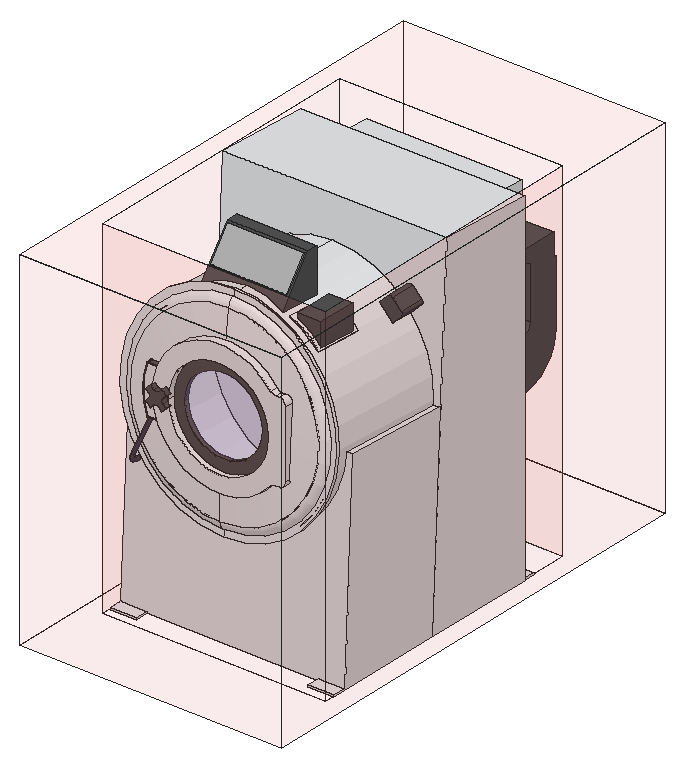
Revit family "Washer_Milnor_60lb-Capacity_30022T6X", category Mechanical Equipment, Revit 2024
Family settings
  Round Connector Dimension = Use Diameter
  Part Type = Normal
  OmniClass Number = 23.45.70.11.14.11
  OmniClass Title = Washing Machines
  Work Plane-Based = Yes
  Always vertical = No
  Cut with Voids When Loaded = No
  Maintain Annotation Orientation = No
  Shared = No
  Room Calculation Point = No
Parameters (values of type "3022T6XBE2015252D")
  doorgas = Door Opening + 0' 2 1/2"  # 1' - 6"
  Warranty Duration (Years) = 5
  Voltage_MEP = 44.5935 V
  Vibration Frequency = 0
  Unit Width = 2' - 10 1/2"
  Unit Weight = 944
  Unit Height = 4' - 6"
  Unit Depth = 3' - 9 3/4"
  URL = "http://www.milnor.com/"
  Suspension Type = "Rigid"
  Specification = "https://www.arcat.com/sd/clients/pellerin.html"
  SpecWizard = "https://www.arcat.com/specwizard/11110pmc/index04.htm"
  Send Message = "http://www.arcat.com/users.pl?action=UserEmail&company=Pellerin+Milnor+Corp.&coid=34740&rep=108&fax=504-468-3094&mf="
  Sales Information = "http://www.milnor.com/contact_us.aspx"
  Revision = "R1_08-2018"
  Product Properties = "https://www.arcat.com/arcatcos/cos34/arc34740.html"
  Product Data = "http://www.arcat.com/arcatcos/cos34/arc34740.html"
  Phase = 3
  Number of Poles = 1
  Model = "3022T6XBE2015252D"
  Manufacturer Website = "http://www.milnor.com/"
  Manufacturer Phone - Toll Free = "800-469-8780"
  Manufacturer Phone = "504-467-9591"
  Manufacturer Fax = "504-468-3094"
  Manufacturer Address = "700 Jackson St.   Kenner, LA 70062"
  Manufacturer = "Pellerin Milnor Corp"
  Maintenance Schedule (Months) = 0
  MEP Amperage = 18.5 A
  Keynote = "11110"
  Interior Finish [instance] = Metal - Stainless Steel - Milnor - as Specified
  Installation-Fabrication = "https://www.arcat.com/catalogs/pellerin/pellerin.html"
  Installation Phase = ""
  Green Building-LEED = "https://www.arcat.com/green/green_building.shtml"
  Frequency = 60 Hz
  Extraction G-Force = "140 Gs"
  Expected Lifespan (Years) = 12
  Dynamic Load = 0.00 kip
  Drawn By = "Sumex Design, Inc. / Robert S. Weygant, CSI, CDT, SCIP"
  Door Opening = 1' - 3 1/2"
  Door Opening Depth = 1' - 3 3/4"
  Door Glazing [instance] = Glazing - Milnor - as Specified
  Clearance Visible [instance] = yes
  Cabinet Front Doodads [instance] = Paint - Milnor - Black
  Description = "Milnor Commercial Washer Extractor"
  Default Elevation = 4' - 0"
  Cylinder Volume = 9.00 CF
  Cylinder Diameter = 2' - 6"
  Cylinder Depth = 1' - 3"
  Door Base from FF = 2' - 1"
  Copyright = "©Arcat Inc."
  Construction Details = "https://www.arcat.com/catalogs/pellerin/pellerin.html"
  Capacity = "60 lb"
  Cabinet Finish [instance] = Metal - Stainless Steel - Milnor - Powder Coat as Specified
  Assembly Code = "E1010610"
  16" Clearance = yes
Reference planes (in)
  plane 1 "Center (Front/Back)": y = 0
  plane 2 "Bottom": z = 0
  plane 3 "Center (Left/Right)": x = 0
  plane 4 "Front": y = -22.875
  plane 5 "Back": y = 22.875
  plane 6 "Left": x = -17.25
  plane 7 "Right": x = 17.25
  plane 8 "Top": z = 54
  plane 9: y = -35.125
  plane 10: z = 25
  plane 11 "Y": y = -19.375
  plane 12: y = 15.375
  plane 13 "Rear Wall MINIMUM CLEARANCE": y = 31.375
  plane 14 "Lint Trap Center": z = 14
  plane 15 "Lint Trap Back": y = 38.875
  plane 16 "Lint Trap Alignment": x = -9.25
Forms (in)
  Extrusion 1, solid, material "Metal - Stainless Steel - Milnor - Powder Coat as Specified" <- "Cabinet Finish"
    sketch origin (0, 0, 0) x (0, 1, 0) y (0, 0, 1)
      loop
        line (0.30793, 53.98386) -> (-2.52124, 0) -> (15.375, 0) -> (15.375, 53.19423) -> (0.30793, 53.98386)
    from -17.25 to 17.25
  Extrusion 2, solid, material "Metal - Stainless Steel - Milnor - Powder Coat as Specified" <- "Cabinet Finish"
    sketch origin (0, 0, 0) x (0, 1, 0) y (0, 0, 1)
      loop
        line (15.375, 51.20358) -> (15.375, 4.06052) -> (19.02486, 4.06052) -> (21.47876, 50.88369) -> (15.375, 51.20358)
    from -12 to 12
  Extrusion 3, solid, material "Metal - Stainless Steel - Milnor - Powder Coat as Specified" <- "Cabinet Finish"
    sketch origin (0, 0, 0) x (0, 1, 0) y (0, 0, 1)
      loop
        line (-0.89129, 31.10136) -> (-17.69888, 31.98221) -> (-19.375, 0) -> (-2.52124, 0) -> (-0.89129, 31.10136)
    from -17.25 to 17.25
  Revolve 4, solid, material "Metal - Stainless Steel - Milnor - Powder Coat as Specified" <- "Cabinet Finish"
    sketch origin (0, 0, 0) x (0, 1, 0) y (0, 0, 1)
      loop
        line (-4.85997, 31.84903) -> (-0.86459, 31.61071) -> (-0.01411, 47.83887) -> (-18.86581, 48.96332) -> (-18.83537, 49.47357) -> (-19.14893, 49.49228) -> (-19.20847, 48.49405)
        arc (-19.20847, 48.49405) -> (-19.79183, 47.98694) -> (-20.06883, 47.26532) r 1.59754
        line (-20.06883, 47.26532) -> (-21.83738, 32.86168) -> (-19.83336, 32.74215) -> (-18.94024, 47.71553) -> (-3.96685, 46.82241) -> (-4.85997, 31.84903)
      axis (-21.83738, 32.86168) -> (-0.86459, 31.61071)
    angle from 0 to 360
  Extrusion 5, void
    sketch origin (0, 0, 0) x (1, 0, 0) y (0, 0, 1)
      loop
        circle (0, 32.75) r 7.875
    from 13.70276 to 26.1875
  Revolve 6, void
    sketch origin (0, 0, 0) x (0, 1, 0) y (0, 0, 1)
      loop
        line (-0.01411, 47.83887) -> (-18.86581, 48.96332) -> (-19.83336, 32.74215) -> (-0.98166, 31.6177) -> (-0.01411, 47.83887)
      axis (-19.83336, 32.74215) -> (-0.98166, 31.6177)
    angle from 0 to 360
  Extrusion 7, solid, material "Paint - Milnor - Black" <- "Cabinet Front Doodads"
    sketch origin (0, 0, 0) x (1, 0, 0) y (0, 0, 1)
      loop
        circle (0, 32.7491) r 7.75
      loop
        circle (0, 32.7491) r 6
    from 20.52449 to 21.14569
  Extrusion 8, solid, material "Glazing - Milnor - as Specified" <- "Door Glazing"
    sketch origin (0, 0, 0) x (1, 0, 0) y (0, 0, 1)
      loop
        circle (0, 32.7491) r 6
    from 20.52449 to 21.14569
  Extrusion 9, solid, material "Paint - Milnor - Black" <- "Cabinet Front Doodads"
    sketch origin (0, 0, 0) x (1, 0, 0) y (0, 0, 1)
      loop
        line (-9.58301, 36.55903) -> (-11.18344, 36.55903)
        arc (-11.18344, 36.55903) -> (-11.33015, 36.51146) -> (-11.42102, 36.38685) r 0.25
        arc (-11.42102, 36.38685) -> (-12.00157, 32.7491) -> (-11.42102, 29.11136) r 11.68741
        arc (-11.42102, 29.11136) -> (-11.33015, 28.98675) -> (-11.18344, 28.93918) r 0.25
        line (-11.18344, 28.93918) -> (-9.58301, 28.93918)
        arc (-9.58301, 28.93918) -> (-9.60759, 29.0016) -> (-9.63177, 29.06418) r 10.3126
        line (-9.63177, 29.06418) -> (-11.18344, 29.06418)
        arc (-11.18344, 29.06418) -> (-11.2568, 29.08796) -> (-11.30223, 29.15027) r 0.125
        arc (-11.30223, 29.15027) -> (-11.87657, 32.7491) -> (-11.30223, 36.34794) r 11.56241
        arc (-11.30223, 36.34794) -> (-11.2568, 36.41025) -> (-11.18344, 36.43403) r 0.125
        line (-11.18344, 36.43403) -> (-9.63177, 36.43403)
        arc (-9.63177, 36.43403) -> (-9.60759, 36.49661) -> (-9.58301, 36.55903) r 10.3126
    from 20.77469 to 21.77823
  Extrusion 10, solid, material "Paint - Milnor - Black" <- "Cabinet Front Doodads"
    sketch origin (0, 0, 0) x (0, 1, 0) y (0, 0, 1)
      loop
        line (-12.625, 54) -> (-18.08827, 46.75) -> (-10.88861, 46.75) -> (-10.88861, 54) -> (-12.625, 54)
    from -6.19874 to 6.20769
  Extrusion 11, solid, material "Contoller Finish - Grey"
    sketch origin (0, -12.625, 54) x (0, -0.601815, -0.798636) y (1, 0, 0)
      loop
        line (0.3281, -5.9267) -> (5.8281, -5.9267) -> (5.8281, 5.8233) -> (0.3281, 5.8233) -> (0.3281, -5.9267)
    from 0 to 0.0625
  Extrusion 12, solid, material "Metal - Stainless Steel - Milnor - Powder Coat as Specified" <- "Cabinet Finish"
    sketch origin (-0.125, -2.73589, -0.97441) x (1, 0, 0) y (0, 0.059481, 0.998229)
      loop
        line (11.39349, 43.73287) -> (11.82069, 44.16007)
        arc (11.82069, 44.16007) -> (9.77749, 46.12707) -> (7.27083, 47.45384) r 10.17722
        line (7.27083, 47.45384) -> (7.27083, 46.61959) -> (11.39349, 43.73287)
    from 9.72126 to 17.35099
  Extrusion 13, solid, material "Paint - Milnor - Black"
    sketch origin (0, 0, 0) x (1, 0, 0) y (0, 0, 1)
      loop
        line (7.88414, 46.57967) -> (11.5, 43.54561) -> (11.5, 47.79561) -> (7.88414, 47.79561) -> (7.88414, 46.57967)
    from 10.6593 to 16.72432
  Extrusion 14, solid, material "Paint - Milnor - Black"
    sketch origin (0, 0, 0) x (1, 0, 0) y (0, 0, 1)
      loop
        circle (-9.25, 14) r 1.5
    from -19.875 to -17.56926
  Extrusion 15, solid, material "Paint - Milnor - Black"
    sketch origin (0, 0, 0) x (1, 0, 0) y (0, 0, 1)
      loop
        line (-16.5, 40.5) -> (-12.5, 40.5) -> (-12.5, 46.25) -> (-16.5, 46.25) -> (-16.5, 40.5)
    from -17.56926 to -15.47876
  Extrusion 16, solid, material "Paint - Milnor - Black"
    sketch origin (0, 0, 0) x (0, 1, 0) y (0, 0, 1)
      loop
        line (15.47876, 45) -> (15.47876, 43.75) -> (17.56926, 42.54305) -> (17.56926, 34.54305)
        arc (17.56926, 34.54305) -> (17.34067, 33.77194) -> (16.72876, 33.25) r 1.41488
        line (16.72876, 33.25) -> (15.47876, 33.25) -> (15.47876, 25.19717)
        arc (15.47876, 25.19717) -> (20.38186, 26.79029) -> (22.47876, 31.5) r 6.33755
        line (22.47876, 31.5) -> (22.47876, 41.5) -> (21.97876, 41.5) -> (21.97876, 45) -> (15.47876, 45)
    from 12.2764 to 16.43646
  Extrusion 17, solid, material "Paint - Milnor - Black"
    sketch origin (0, 0, 0) x (1, 0, 0) y (0, 0, 1)
      loop
        circle (15.17575, 40.22764) r 0.25
      loop
        circle (15.19494, 38.99925) r 0.1875
      loop
        circle (15.19494, 37.74925) r 0.1875
      loop
        circle (13.42575, 40.22764) r 0.25
      loop
        circle (13.44494, 38.99925) r 0.1875
      loop
        circle (13.44494, 37.74925) r 0.1875
    from -22.875 to -22.47876
  Extrusion 18, solid, material "Paint - Milnor - Black"
    sketch origin (0, 0, 0) x (1, 0, 0) y (0, 0, 1)
      loop
        circle (14.75, 10.75) r 0.375
      loop
        circle (14.75, 15) r 0.375
      loop
        circle (14.75, 19.25) r 0.375
      loop
        circle (14.75, 6.5) r 0.375
      loop
        circle (-14.75, 6.5) r 0.375
    from -16.22121 to -15.47876
  Extrusion 19, solid, material "Metal - Stainless Steel - Milnor - Powder Coat as Specified" <- "Cabinet Finish"
    sketch origin (0, 0, 0) x (1, 0, 0) y (0, 1, 0)
      loop
        line (17.25, 17.25) -> (13.25, 17.25) -> (13.25, 15.47876) -> (17.25, 15.47876) -> (17.25, 17.25)
      loop
        line (-17.25, 17.25) -> (-17.25, 15.47876) -> (-13.25, 15.47876) -> (-13.25, 17.25) -> (-17.25, 17.25)
      loop
        line (17.25, -19.19341) -> (13.25, -19.19341) -> (13.25, -21.375) -> (17.25, -21.375) -> (17.25, -19.19341)
      loop
        line (-17.25, -19.18237) -> (-17.25, -21.375) -> (-13.25, -21.375) -> (-13.25, -19.18237) -> (-17.25, -19.18237)
    from 0 to 0.25
  Extrusion 20, solid, material "ARCAT Clearance", visible <- "Clearance Visible"
    sketch origin (-6.75302, 1.0625, 0) x (1, 0, 0) y (0, 1, 0)
      loop
        line (-13.49698, 37.8125) -> (-13.49698, -36.1875) -> (27.00302, -36.1875) -> (27.00302, 37.8125) -> (-13.49698, 37.8125)
      loop
        line (-10.49698, -23.9375) -> (24.00302, -23.9375) -> (24.00302, 21.8125) -> (-10.49698, 21.8125) -> (-10.49698, -23.9375)
    from 0 to 54
  Extrusion 21, solid, material "Metal - Stainless Steel - Milnor - Powder Coat as Specified" <- "Cabinet Finish"
    sketch origin (0, 0, 0) x (1, 0, 0) y (0, 0, 1)
      loop
        circle (0, 32.7491) r 7.75
      loop
        arc (7.96361, 39.30125) -> (-10.3126, 32.7491) -> (7.9636, 26.19696) r 10.3126
        arc (7.9636, 26.19696) -> (8.30883, 26.46586) -> (8.73583, 26.5616) r 1
        line (8.73583, 26.5616) -> (9.31135, 26.5616)
        arc (9.31135, 26.5616) -> (10.01846, 26.85449) -> (10.31135, 27.5616) r 1
        line (10.31135, 27.5616) -> (10.31135, 37.9366)
        arc (10.31135, 37.9366) -> (10.01846, 38.64371) -> (9.31135, 38.9366) r 1
        line (9.31135, 38.9366) -> (8.73583, 38.9366)
        arc (8.73583, 38.9366) -> (8.30883, 39.03235) -> (7.96361, 39.30125) r 1
    from 22.02176 to 20.52449
  Extrusion 22, solid, material "Metal - Stainless Steel - Milnor - Powder Coat as Specified" <- "Cabinet Finish"
    sketch origin (0, 0, 0) x (1, 0, 0) y (0, 0, 1)
      loop
        arc (-11.30223, 29.15027) -> (-11.2568, 29.08796) -> (-11.18344, 29.06418) r 0.125
        line (-11.18344, 29.06418) -> (-9.63177, 29.06418)
        arc (-9.63177, 29.06418) -> (-10.3126, 32.7491) -> (-9.63177, 36.43403) r 10.3126
        line (-9.63177, 36.43403) -> (-11.18344, 36.43403)
        arc (-11.18344, 36.43403) -> (-11.2568, 36.41025) -> (-11.30223, 36.34794) r 0.125
        arc (-11.30223, 36.34794) -> (-11.87657, 32.7491) -> (-11.30223, 29.15027) r 11.56241
    from 20.77469 to 21.77823
  Extrusion 23, solid, material "Paint - Milnor - Black"
    sketch origin (0, 0, 0) x (1, 0, 0) y (0, 0, 1)
      loop
        spline (10.37369, 44.60575) -> (10.56112, 44.43953) -> (10.74588, 44.27037) -> (10.92792, 44.09829) -> (11.10719, 43.92334) -> (11.28365, 43.74557) -> (11.45726, 43.56502) -> (11.62797, 43.38174) -> (11.79574, 43.19576) -> (11.96052, 43.00715) -> (12.12228, 42.81595) -> (12.28096, 42.6222) -> (12.43655, 42.42596)
        line (12.43655, 42.42596) -> (13.82522, 43.81463)
        arc (13.82522, 43.81463) -> (13.97166, 44.16818) -> (13.82522, 44.52173) r 0.5
        line (13.82522, 44.52173) -> (12.411, 45.93595)
        arc (12.411, 45.93595) -> (12.05745, 46.08239) -> (11.7039, 45.93595) r 0.5
        line (11.7039, 45.93595) -> (10.37369, 44.60575)
    from 0 to 4.01911
  Extrusion 24, solid, material "Paint - Milnor - Black"
    sketch origin (0, 0, 0) x (1, 0, 0) y (0, 0, 1)
      loop
        line (-8.199, 34.28851) -> (-8.67775, 33.80976)
        arc (-8.67775, 33.80976) -> (-9.0313, 33.66332) -> (-9.38485, 33.80976) r 0.5
        line (-9.38485, 33.80976) -> (-9.8636, 34.28851)
        arc (-9.8636, 34.28851) -> (-10.26874, 33.98654) -> (-10.57071, 33.5814) r 1.75
        line (-10.57071, 33.5814) -> (-10.09196, 33.10266)
        arc (-10.09196, 33.10266) -> (-9.94551, 32.7491) -> (-10.09196, 32.39555) r 0.5
        line (-10.09196, 32.39555) -> (-10.57071, 31.9168)
        arc (-10.57071, 31.9168) -> (-10.26874, 31.51167) -> (-9.8636, 31.2097) r 1.75
        line (-9.8636, 31.2097) -> (-9.38485, 31.68844)
        arc (-9.38485, 31.68844) -> (-9.0313, 31.83489) -> (-8.67775, 31.68844) r 0.5
        line (-8.67775, 31.68844) -> (-8.199, 31.2097)
        arc (-8.199, 31.2097) -> (-7.79386, 31.51167) -> (-7.49189, 31.9168) r 1.75
        line (-7.49189, 31.9168) -> (-7.97064, 32.39555)
        arc (-7.97064, 32.39555) -> (-8.11709, 32.7491) -> (-7.97064, 33.10266) r 0.5
        line (-7.97064, 33.10266) -> (-7.49189, 33.5814)
        arc (-7.49189, 33.5814) -> (-7.79386, 33.98654) -> (-8.199, 34.28851) r 1.75
    from 22.02176 to 22.875
  Sweep 25, solid, material "Paint - Milnor - Black" <- "Cabinet Front Doodads"
    path origin (-13.146, 0, -1.9335) x (0, 1, 0) y (0.419322, 0, 0.907837)
      loop
        line (-21.76498, 29.84931) -> (-21.76498, 22.296)
        arc (-21.76498, 22.296) -> (-21.03275, 20.52823) -> (-19.26498, 19.796) r 2.5
        line (-19.26498, 19.796) -> (-18.15956, 19.796)
    profile origin (-2.21316, -21.76498, 21.73623) x (0, 1, 0) y (0.907837, 0, -0.419322)
      loop
        circle (0.40323, -10.97154) r 0.25
Cuts and joins
  Extrusion 5, Revolve 6 cuts Extrusion 1
  Revolve 6 cuts Extrusion 3
  joined: Extrusion 3, Extrusion 19
  Extrusion 5 cuts Revolve 4
Lines and regions (in)
  symbolic lines, style "MechanicalEquipmentHiddenLines"
    curve 1: arc (7.75208, -22.95773, 0) -> (1.35223, -31.76221, 0) -> (-9, -35.125, 0) r 17.61589
    curve 2: line (-9, -35.125, 0) -> (-9, -21.375, 0)
Dimensions and locks (in)
  "Unit Width": plane 6 "Left" to plane 7 "Right"
  "Unit Depth": plane 5 "Back" to plane 4 "Front"
  "Unit Height": plane 8 "Top" to level
  "Door Opening Depth": plane 11 "Y" to plane 9
  plane 10 to level = 2' - 1"
  Extrusion 18 sketch curve to level = 0' - 10 3/4"
  Extrusion 18 sketch curve to level = 1' - 3"
  Extrusion 18 sketch curve to level = 1' - 7 1/4"
  locked: Extrusion 18 sketch curve to level at 6.5
  locked: plane 11 "Y" to plane 4 "Front" at 3.5
  locked: plane 12 to plane 11 "Y" at 34.75
  locked: plane 13 "Rear Wall MINIMUM CLEARANCE" to plane 12 at 16
  locked: plane 10 to plane 14 "Lint Trap Center" at 11
  locked: plane 15 "Lint Trap Back" to Extrusion 14 at 19
  locked: plane 6 "Left" to plane 16 "Lint Trap Alignment" at 8
  locked: plane 15 "Lint Trap Back" to plane 5 "Back" at 16
  aligned and locked: Extrusion 3 to plane 6 "Left"
  aligned and locked: plane 7 "Right" to Extrusion 3
  aligned and locked: plane 7 "Right" to Extrusion 1
  aligned and locked: Extrusion 1 to plane 6 "Left"
  aligned and locked: Extrusion 23 to plane 1 "Center (Front/Back)"
  aligned and locked: Extrusion 24 to plane 4 "Front"
  aligned and locked: Extrusion 20 sketch curve to plane 15 "Lint Trap Back"
  aligned and locked: plane 5 "Back" to Extrusion 20 sketch curve
  aligned and locked: Extrusion 20 sketch curve to plane 6 "Left"
  aligned and locked: plane 7 "Right" to Extrusion 20 sketch curve
  aligned and locked: Extrusion 20 sketch curve to plane 4 "Front"
  aligned and locked: Extrusion 20 sketch curve to plane 9
Automatic sketch dimensions
  curve 1 to plane 9 = 0' - 0"
  plane 4 "Front" to curve 2 = 0' - 1 1/2"
  plane 6 "Left" to curve 2 = 0' - 8 1/4"
  curve 1 to plane 4 "Front" = 0' - 0.08273"
  plane 3 "Center (Left/Right)" to curve 1 = 0' - 7.75208"
  Extrusion 1 sketch curve to level = 0' - 0"
  Extrusion 1 sketch curve to plane 12 = 0' - 0"
  Extrusion 1 sketch curve to plane 8 "Top" = 0' - 0.01614"
  Extrusion 1 sketch curve to plane 1 "Center (Front/Back)" = 0' - 0.30793"
  plane 1 "Center (Front/Back)" to Extrusion 1 sketch curve = 0' - 2.52124"
  Extrusion 2 sketch curve to plane 12 = 0' - 0"
  plane 12 to Extrusion 2 sketch curve = 0' - 3.64986"
  Extrusion 2 sketch curve to plane 5 "Back" = 0' - 1.39624"
  level to Extrusion 2 sketch curve = 0' - 4.06052"
  Extrusion 2 sketch curve to plane 8 "Top" = 0' - 3.11631"
  Extrusion 3 sketch curve to level = 0' - 0"
  Extrusion 3 sketch curve to plane 11 "Y" = 0' - 0"
  plane 11 "Y" to Extrusion 3 sketch curve = 0' - 1.67612"
  plane 1 "Center (Front/Back)" to Extrusion 3 sketch curve = 0' - 2.52124"
  plane 1 "Center (Front/Back)" to Extrusion 3 sketch curve = 0' - 0.89129"
  Revolve 4 sketch curve to plane 1 "Center (Front/Back)" = 0' - 0"
  plane 1 "Center (Front/Back)" to Revolve 4 sketch curve = 0' - 0.01411"
  plane 1 "Center (Front/Back)" to Revolve 4 sketch curve = 0' - 0.86459"
  plane 1 "Center (Front/Back)" to Revolve 4 sketch curve = 0' - 3.96685"
  Revolve 4 sketch curve to Revolve 4 sketch curve = 0' - 3.99537"
  plane 11 "Y" to Revolve 4 sketch curve = 0' - 0.8918"
  plane 11 "Y" to Revolve 4 sketch curve = 0' - 0.53963"
  plane 11 "Y" to Revolve 4 sketch curve = 0' - 0.50919"
  plane 11 "Y" to Revolve 4 sketch curve = 0' - 0.43476"
  plane 11 "Y" to Revolve 4 sketch curve = 0' - 0.22607"
  plane 11 "Y" to Revolve 4 sketch curve = 0' - 0.16653"
  Revolve 4 sketch curve to plane 11 "Y" = 0' - 0.45836"
  Revolve 4 sketch curve to Revolve 4 sketch curve = 0' - 0.18684"
  Revolve 4 sketch curve to plane 11 "Y" = 0' - 0.69383"
  plane 4 "Front" to Revolve 4 sketch curve = 0' - 1.03762"
  plane 10 to Revolve 4 sketch curve = 0' - 6.55914"
  Revolve 4 sketch curve to Revolve 4 sketch curve = 0' - 0.05157"
  Revolve 4 sketch curve to Revolve 4 sketch curve = 0' - 0.23831"
  Revolve 4 sketch curve to Revolve 4 sketch curve = 0' - 0.01114"
  Revolve 4 sketch curve to Revolve 4 sketch curve = 0' - 0.6449"
  Revolve 4 sketch curve to Revolve 4 sketch curve = 0' - 0.45021"
  Revolve 4 sketch curve to Revolve 4 sketch curve = 0' - 1.01645"
  Extrusion 5 sketch curve to plane 3 "Center (Left/Right)" = 0' - 0"
  plane 10 to Extrusion 5 sketch curve = 0' - 7 3/4"
  Revolve 6 sketch curve to plane 11 "Y" = 0' - 0.45836"
  Revolve 6 sketch curve to Revolve 6 sketch curve = 0' - 0"  (x2)
  plane 11 "Y" to Revolve 6 sketch curve = 0' - 0.50919"
  plane 1 "Center (Front/Back)" to Revolve 6 sketch curve = 0' - 0.98166"
  Revolve 6 sketch curve to plane 1 "Center (Front/Back)" = 0' - 0.87983"
  plane 10 to Revolve 6 sketch curve = 0' - 6.50666"
  Revolve 6 sketch curve to Revolve 6 sketch curve = 0' - 0.11103"
  plane 10 to Revolve 6 sketch curve = 0' - 7.74215"
  Extrusion 7 sketch curve to Extrusion 7 sketch curve = 0' - 0"  (x2)
  Extrusion 7 sketch curve to plane 3 "Center (Left/Right)" = 0' - 0"
  plane 10 to Extrusion 7 sketch curve = 0' - 7.7491"
  Extrusion 8 sketch curve to plane 3 "Center (Left/Right)" = 0' - 0"
  plane 10 to Extrusion 8 sketch curve = 0' - 7.7491"
  Extrusion 10 sketch curve to plane 8 "Top" = 0' - 0"
  plane 11 "Y" to Extrusion 10 sketch curve = 0' - 1.28673"
  plane 11 "Y" to Extrusion 10 sketch curve = 0' - 6 3/4"
  Extrusion 10 sketch curve to Extrusion 10 sketch curve = 0' - 1.73639"
  Extrusion 10 sketch curve to plane 8 "Top" = 0' - 7 1/4"
  Extrusion 10 to Extrusion 11 sketch curve = 0' - 0.3281"
  Extrusion 10 to Extrusion 11 sketch curve = 0' - 0.3844"
  Extrusion 10 to Extrusion 11 sketch curve = 0' - 3.24988"
  Extrusion 10 to Extrusion 11 sketch curve = 0' - 0.27203"
  plane 3 "Center (Left/Right)" to Extrusion 12 sketch curve = 0' - 3.68459"
  plane 3 "Center (Left/Right)" to Extrusion 12 sketch curve = 0' - 7.14583"
  Extrusion 12 sketch curve to Extrusion 12 sketch curve = 0' - 4.12265"
  Extrusion 12 sketch curve to Extrusion 12 sketch curve = 0' - 0.4272"  (x2)
  Extrusion 12 sketch curve to Extrusion 12 sketch curve = 0' - 5.84958"
  Extrusion 12 sketch curve to Extrusion 12 sketch curve = 0' - 0.83426"
  plane 3 "Center (Left/Right)" to Extrusion 13 sketch curve = 0' - 7.88414"
  Extrusion 13 sketch curve to Extrusion 13 sketch curve = 0' - 3.61586"
  Extrusion 13 sketch curve to plane 8 "Top" = 0' - 10.45439"
  Extrusion 13 sketch curve to Extrusion 13 sketch curve = 0' - 3.03407"
  Extrusion 13 sketch curve to Extrusion 13 sketch curve = 0' - 1.21593"
  plane 6 "Left" to Extrusion 14 sketch curve = 0' - 8"
  Extrusion 14 sketch curve to plane 10 = 0' - 11"
  plane 6 "Left" to Extrusion 15 sketch curve = 0' - 0 3/4"
  Extrusion 15 sketch curve to Extrusion 15 sketch curve = 0' - 4"
  Extrusion 15 sketch curve to plane 8 "Top" = 1' - 1 1/2"
  Extrusion 15 sketch curve to Extrusion 15 sketch curve = 0' - 5 3/4"
  plane 12 to Extrusion 16 sketch curve = 0' - 0.10376"  (x2)
  plane 12 to Extrusion 16 sketch curve = 0' - 0.76621"
  plane 12 to Extrusion 16 sketch curve = 0' - 0.77938"
  Extrusion 16 sketch curve to Extrusion 16 sketch curve = 0' - 1 1/4"
  Extrusion 16 sketch curve to Extrusion 16 sketch curve = 0' - 1.41488"
  Extrusion 16 sketch curve to plane 5 "Back" = 0' - 0.89624"
  Extrusion 16 sketch curve to plane 5 "Back" = 0' - 0.39624"
  plane 10 to Extrusion 16 sketch curve = 0' - 0.19717"
  Extrusion 16 sketch curve to Extrusion 16 sketch curve = 0' - 1 3/4"
  Extrusion 16 sketch curve to Extrusion 16 sketch curve = 0' - 6.95695"
  Extrusion 16 sketch curve to Extrusion 16 sketch curve = 0' - 1.04305"
  Extrusion 16 sketch curve to Extrusion 16 sketch curve = 0' - 1.20695"
  Extrusion 16 sketch curve to Extrusion 16 sketch curve = 0' - 3 1/2"
  Extrusion 17 sketch curve to plane 7 "Right" = 0' - 3.82425"
  Extrusion 17 sketch curve to Extrusion 17 sketch curve = 0' - 0.01919"  (x2)
  Extrusion 17 sketch curve to Extrusion 17 sketch curve = 0' - 0"  (x2)
  Extrusion 17 sketch curve to Extrusion 17 sketch curve = 0' - 1 3/4"  (x2)
  plane 10 to Extrusion 17 sketch curve = 1' - 0.74925"
  Extrusion 17 sketch curve to Extrusion 17 sketch curve = 0' - 1 1/4"  (x2)
  Extrusion 17 sketch curve to Extrusion 17 sketch curve = 0' - 1.22839"  (x2)
  plane 6 "Left" to Extrusion 18 sketch curve = 0' - 2 1/2"
  Extrusion 18 sketch curve to plane 7 "Right" = 0' - 2 1/2"  (x4)
  level to Extrusion 18 sketch curve = 0' - 6 1/2"
  Extrusion 19 sketch curve to plane 6 "Left" = 0' - 0"  (x2)
  Extrusion 19 sketch curve to plane 7 "Right" = 0' - 0"  (x2)
  plane 11 "Y" to Extrusion 19 sketch curve = 0' - 0.19263"
  Extrusion 19 sketch curve to Extrusion 19 sketch curve = 0' - 4"
  plane 12 to Extrusion 19 sketch curve = 0' - 1 7/8"
  plane 6 "Left" to Extrusion 19 sketch curve = 0' - 4"
  plane 12 to Extrusion 19 sketch curve = 0' - 0.10376"  (x2)
  Extrusion 19 sketch curve to plane 7 "Right" = 0' - 4"  (x2)
  plane 4 "Front" to Extrusion 19 sketch curve = 0' - 1 1/2"  (x2)
  plane 11 "Y" to Extrusion 19 sketch curve = 0' - 0.18159"
  Extrusion 19 sketch curve to Extrusion 19 sketch curve = 0' - 1.77124"
  Extrusion 21 sketch curve to Extrusion 21 sketch curve = 0' - 0"  (x4)
  Extrusion 21 sketch curve to plane 3 "Center (Left/Right)" = 0' - 0"
  plane 10 to Extrusion 21 sketch curve = 0' - 1.5616"
  Extrusion 21 sketch curve to plane 7 "Right" = 0' - 8.51417"  (x2)
  Extrusion 21 sketch curve to Extrusion 21 sketch curve = 0' - 0.57552"  (x2)
  Extrusion 21 sketch curve to Extrusion 21 sketch curve = 0' - 1"  (x2)
  plane 10 to Extrusion 21 sketch curve = 0' - 0.5616"
  plane 10 to Extrusion 21 sketch curve = 0' - 7.7491"
  Extrusion 21 sketch curve to Extrusion 21 sketch curve = 0' - 10 3/8"
  Extrusion 21 sketch curve to Extrusion 21 sketch curve = 0' - 0.77222"
  Extrusion 22 sketch curve to plane 3 "Center (Left/Right)" = 0' - 0.31417"
  Extrusion 22 sketch curve to Extrusion 22 sketch curve = 0' - 1.55167"  (x2)
  Extrusion 22 sketch curve to plane 3 "Center (Left/Right)" = 0' - 0"
  plane 10 to Extrusion 22 sketch curve = 0' - 4.06418"
  Extrusion 22 sketch curve to Extrusion 22 sketch curve = 0' - 0"  (x3)
  Extrusion 22 sketch curve to Extrusion 22 sketch curve = 0' - 0.11879"  (x2)
  Extrusion 9 sketch curve to Extrusion 9 sketch curve = 0' - 0"  (x10)
  plane 10 to Extrusion 9 sketch curve = 0' - 3.93918"
  Extrusion 9 sketch curve to Extrusion 9 sketch curve = 0' - 1.60043"
  Extrusion 9 sketch curve to plane 3 "Center (Left/Right)" = 0' - 0.31417"
  Extrusion 9 sketch curve to plane 3 "Center (Left/Right)" = 0' - 0"
  Extrusion 9 sketch curve to Extrusion 9 sketch curve = 0' - 0 1/4"  (x2)
  Extrusion 9 sketch curve to Extrusion 9 sketch curve = 0' - 0.04876"  (x2)
  Extrusion 9 sketch curve to Extrusion 9 sketch curve = 0' - 0.11879"  (x4)
  Extrusion 9 sketch curve to Extrusion 9 sketch curve = 0' - 0.03891"  (x2)
  Extrusion 22 sketch curve to Extrusion 22 sketch curve = 0' - 0.03891"  (x2)
  Extrusion 23 sketch curve to plane 3 "Center (Left/Right)" = 0' - 0"
  Extrusion 23 sketch curve to plane 7 "Right" = 0' - 6.87631"
  Extrusion 23 sketch curve to Extrusion 23 sketch curve = 0' - 1.3302"
  Extrusion 23 sketch curve to Extrusion 23 sketch curve = 0' - 0.35355"  (x6)
  Extrusion 23 sketch curve to Extrusion 23 sketch curve = 0' - 2.06285"
  Extrusion 23 sketch curve to Extrusion 23 sketch curve = 0' - 1.41421"
  Extrusion 23 sketch curve to plane 8 "Top" = 0' - 11.57404"
  Extrusion 23 sketch curve to Extrusion 23 sketch curve = 0' - 1.38867"
  Extrusion 23 sketch curve to Extrusion 23 sketch curve = 0' - 2.17979"
  Extrusion 23 sketch curve to Extrusion 23 sketch curve = 0' - 0.97665"
  plane 6 "Left" to Extrusion 23 sketch curve = 0' - 1.48884"
  Extrusion 24 sketch curve to Extrusion 24 sketch curve = 0' - 0"  (x15)
  plane 6 "Left" to Extrusion 24 sketch curve = 0' - 6.67929"
  Extrusion 24 sketch curve to Extrusion 24 sketch curve = 0' - 0.12519"  (x2)
  Extrusion 24 sketch curve to Extrusion 24 sketch curve = 0' - 0.35355"  (x12)
  Extrusion 24 sketch curve to Extrusion 24 sketch curve = 0' - 0.70711"  (x4)
  Extrusion 24 sketch curve to Extrusion 24 sketch curve = 0' - 0.47875"  (x11)
  plane 10 to Extrusion 24 sketch curve = 0' - 6.2097"
  plane 4 "Front" to Sweep 25 sketch curve = 0' - 1.11002"
  plane 11 "Y" to Sweep 25 sketch curve = 0' - 0.11002"
  Sweep 25 sketch curve to Sweep 25 sketch curve = 0' - 1.10542"
  Sweep 25 sketch curve to Sweep 25 sketch curve = 0' - 7.55331"
  Sweep 25 sketch curve to profile plane = 0' - 0.40323"
  Sweep 25 sketch curve to profile plane = 0' - 10.97154"
  Extrusion 20 sketch curve to plane 6 "Left" = 0' - 3"
  plane 7 "Right" to Extrusion 20 sketch curve = 0' - 3"
  radius of Extrusion 5 sketch curve = 0' - 7 7/8"
  radius of Extrusion 7 sketch curve = 0' - 7 3/4"
  radius of Extrusion 7 sketch curve = 0' - 6"
  radius of Extrusion 8 sketch curve = 0' - 6"
  radius of Extrusion 14 sketch curve = 0' - 1 1/2"
  radius of Extrusion 17 sketch curve = 0' - 0 1/4"  (x2)
  radius of Extrusion 17 sketch curve = 0' - 0 3/16"  (x4)
  radius of Extrusion 18 sketch curve = 0' - 0 3/8"  (x5)
  radius of Extrusion 21 sketch curve = 0' - 7 3/4"
  radius of Sweep 25 sketch curve = 0' - 0 1/4"
Connectors (in)
  electrical at (-14.5, 17.56926, 43.375)
    settings: on Extrusion 15, index 1, voltage 0 V, apparent load 0 VA, apparent load phase1 0 VA, apparent load phase2 0 VA, apparent load phase3 0 VA, power factor 1, load classification "Other", number of poles 1, system type 31, power factor state 1, is connector primary yes, connector utility no, sub classification motor no, connector description ""
  piping at (-9.25, 19.875, 14), diameter 3
    settings: on Extrusion 14, index 2, connector inside diameter 3", connector length 0' - 0", flow factor 0, pipe flow 0 GPM, pressure drop 0.00 psi, fitting loss kfactor 0, connector angle 0.00°, fixture units 0, engagement length 0' - 0", angle of deflection 0.00°, flow configuration 0, flow direction 2, fitting loss method 0, system type 16, joint type 0, gender type 0, connector reference index -1, connector utility 0, adjustable connector no, is connector primary yes, connector description "Drain"
  piping at (14.75, 16.22121, 10.75), diameter 0.75
    settings: on Extrusion 18, index 7, connector inside diameter 3/4", connector length 0' - 0", flow factor 0, pipe flow 0 GPM, pressure drop 0.00 psi, fitting loss kfactor 0, connector angle 0.00°, fixture units 0, engagement length 0' - 0", angle of deflection 0.00°, flow configuration 0, flow direction 0, fitting loss method 0, system type 20, joint type 0, gender type 0, connector reference index -1, connector utility 0, adjustable connector no, is connector primary no, connector description "DCW Inlet"
  piping at (14.75, 16.22121, 15), diameter 0.75
    settings: on Extrusion 18, index 8, connector inside diameter 3/4", connector length 0' - 0", flow factor 0, pipe flow 0 GPM, pressure drop 0.00 psi, fitting loss kfactor 0, connector angle 0.00°, fixture units 0, engagement length 0' - 0", angle of deflection 0.00°, flow configuration 0, flow direction 1, fitting loss method 0, system type 19, joint type 0, gender type 0, connector reference index -1, connector utility 0, adjustable connector no, is connector primary no, connector description "DHW Flushing Inlet"
  piping at (14.75, 16.22121, 19.25), diameter 0.75
    settings: on Extrusion 18, index 9, connector inside diameter 3/4", connector length 0' - 0", flow factor 0, pipe flow 0 GPM, pressure drop 0.00 psi, fitting loss kfactor 0, connector angle 0.00°, fixture units 0, engagement length 0' - 0", angle of deflection 0.00°, flow configuration 0, flow direction 1, fitting loss method 0, system type 19, joint type 0, gender type 0, connector reference index -1, connector utility 0, adjustable connector no, is connector primary no, connector description "DHW Inlet"
